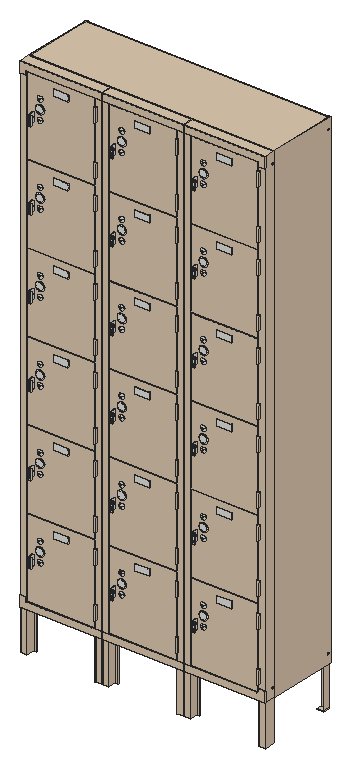
Revit family "Metal_Vented_Lockers-Salsbury_Industries-75000_76000_Series-3_Wide_Units", category Specialty Equipment, Revit 2016 (continued)
Definition of nested family "Metal Locker Left Side Base"
  Forms (in)
    Extrusion 2, solid, material <- "Primary Structure Material", visible <- "Visible"
      sketch origin (6.02, 0, -5.94) x (0, 0, -1) y (0, -1, 0)
        loop
          line (-6, 4.90147) -> (-6, -3.961) -> (-5.94, -3.961) -> (-5.94, 4.90147) -> (-6, 4.90147)
      from 0 to 1.19
    Extrusion 3, solid, material <- "Primary Structure Material", visible <- "Visible"
      sketch origin (4.77, 0, 0) x (0, 0, -1) y (0, 1, 0)
        loop
          line (-6, -5.211) -> (0, -5.211) -> (0, 5.211) -> (-6, 5.211) -> (-6, -5.211)
      from 0 to 0.06
    Extrusion 4, solid, material <- "Primary Structure Material", visible <- "Visible"
      sketch origin (10.79, 0, 6) x (0, -1, 0) y (1, 0, 0)
        loop
          line (5.15147, -5.96) -> (6.27647, -5.96) -> (6.27647, -5.9) -> (5.15147, -5.9) -> (5.15147, -5.96)
      from -6 to 0
  Dimensions and locks (in)
    "Height": plane 5 "Top of Enclosure" to plane 4 "Floor"
    plane 10 "Left Edge of Insert" to plane 8 "Left Edge of Enclosure" to plane 11 "Right Edge of Insert" = 1.06547" locked, 0.05953" locked
    equal spacing: plane 8 "Left Edge of Enclosure", plane 1 "Center (Front/Back)", plane 9 "Right Edge of Enclosure"
    "Depth": plane 8 "Left Edge of Enclosure" to plane 9 "Right Edge of Enclosure"
    equal spacing: plane 6 "Left Side of Unit", plane 3 "Center (Left/Right)", plane 7 "Right Side of Unit"
    "Width": plane 6 "Left Side of Unit" to plane 7 "Right Side of Unit"
    "Width including Rivet": plane 12 "Edge of Rivet" to plane 7 "Right Side of Unit"
    plane 12 "Edge of Rivet" to plane 6 "Left Side of Unit" = 0.040"
    aligned and locked: level to plane 2
    aligned and locked: Extrusion 1 to Extrusion 3
    aligned and locked: Extrusion 2 to Extrusion 3
  Automatic sketch dimensions
    plane 5 "Top of Enclosure" to Extrusion 1 sketch curve = 0.000"
    Extrusion 1 sketch curve to Extrusion 1 sketch curve = 0.060"
    plane 9 "Right Edge of Enclosure" to Extrusion 1 sketch curve = 1.250"
    Extrusion 1 sketch curve to plane 11 "Right Edge of Insert" = 0.250"
    Extrusion 2 sketch curve to level = 0.000"
    level to Extrusion 2 sketch curve = 0.060"
    plane 9 "Right Edge of Enclosure" to Extrusion 2 sketch curve = 1.250"
    Extrusion 2 sketch curve to plane 11 "Right Edge of Insert" = 0.250"
    plane 5 "Top of Enclosure" to Extrusion 3 sketch curve = 0.000"
    Extrusion 3 sketch curve to level = 0.000"
    Extrusion 3 sketch curve to plane 8 "Left Edge of Enclosure" = 0.000"
    Extrusion 3 sketch curve to plane 9 "Right Edge of Enclosure" = 0.000"
    plane 11 "Right Edge of Insert" to Extrusion 4 sketch curve = 0.000"
    plane 10 "Left Edge of Insert" to Extrusion 4 sketch curve = 0.000"
    plane 6 "Left Side of Unit" to Extrusion 4 sketch curve = 0.120"
    Extrusion 4 sketch curve to Extrusion 4 sketch curve = 0.060"
Definition of nested family "Metal Locker Zee Base - 3 Wide"
  Parameters (values of type "77572- 36" W x 12" D")
    Width = 36.040"
    Visible = yes
    Version = "1.0 (11/30/15)"
    Type Comments = "Zee Base Kit for Standard Metal Lockers - No Legs"
    Primary Structure Material = none
    Model = "77572"
    MasterFormat Title = ""
    MasterFormat Number = ""
    Manufacturer = "Salsbury Industries"
    Description = "4\" H x 6' L - for 12\" Deep Lockers (Includes 6 Foot Front Base, 2 End Bases, Corner Splicer and 4 Rear Legs)"
    Depth = 12.010"
    Height = 4.000"
    Assembly Code = ""
  Types (6): name | Width | Visible | Model | Depth
    77572- 36" W x 12" D | 36.040" | yes | "77572" | 12.010"
    77575 - 36" W x 15" D | 36.040" | yes | "77575" | 15.010"
    77578 - 36"W x 18"D | 36.040" | yes | "77578" | 18.010"
    77575 - 45"W x 15"D | 45.040" | yes | "77575" | 15.010"
    77578 - 45"W x 18"D | 45.040" | yes | "77578" | 18.010"
    None | 36.040" | no | "77572" | 12.010"
  Reference planes (in)
    plane 1 "Center (Front/Back)": y = 0
    plane 2: z = 0
    plane 3 "Center (Left/Right)": x = 0
    plane 4 "Floor": z = 0
    plane 5 "Bottom of Unit": z = 4
    plane 6 "Left Side of Unit": x = -18.02
    plane 7 "Right Side of Unit": x = 18.02
    plane 8 "Back of Unit": y = 6.005
    plane 9 "Front of Unit": y = -6.005
    plane 10 "Right Side of Door Opening": x = 17.02
    plane 11 "Left Side of Door Opening": x = -17.02
    plane 12 "Top of back legs": z = 4.185
    plane 13 "Back Edge of Front Facing": y = -4.417
    plane 14 "Inside Edge of Front Leg": x = -16.58
    plane 15 "Inside Edge of Right Leg": x = 16.58
    plane 16: y = -4.82
    plane 17 "Back Edge of Rear Legs": y = 5.895
    plane 18 "Right Edge of Rear Right Leg": x = 17.9
    plane 19 "Left Edge or Rear Left Leg": x = -17.9
    plane 20: y = 4.895
    plane 21 "Inside Edge or Rear Right Leg": x = 16.9
    plane 22 "Inside Edge or Left Rear Leg": x = -16.9
  Forms (in)
    Extrusion 1, solid, material <- "Primary Structure Material", visible <- "Visible"
      sketch origin (0, 0, 0) x (0, -1, 0) y (1, 0, 0)
        loop
          line (-5.895, 17.9) -> (-5.895, 16.9) -> (-5.835, 16.9) -> (-5.835, 17.84) -> (-4.895, 17.84) -> (-4.895, 17.9) -> (-5.895, 17.9)
      from 0.06 to 4.185
    Extrusion 2, solid, material <- "Primary Structure Material", visible <- "Visible"
      sketch origin (0, 0, 0) x (0, -1, 0) y (1, 0, 0)
        loop
          line (-5.895, 17.9) -> (-5.895, 16.9) -> (-4.895, 16.9) -> (-4.895, 17.9) -> (-5.895, 17.9)
      from 0 to 0.06
    Extrusion 3, solid, material <- "Primary Structure Material", visible <- "Visible"
      sketch origin (0, 0, 0) x (0, -1, 0) y (1, 0, 0)
        loop
          line (-5.895, -17.9) -> (-4.895, -17.9) -> (-4.895, -17.84) -> (-5.835, -17.84) -> (-5.835, -16.9) -> (-5.895, -16.9) -> (-5.895, -17.9)
      from 0.06 to 4.185
    Extrusion 4, solid, material <- "Primary Structure Material", visible <- "Visible"
      sketch origin (0, 0, 0) x (0, -1, 0) y (1, 0, 0)
        loop
          line (-5.895, -17.9) -> (-4.895, -17.9) -> (-4.895, -16.9) -> (-5.895, -16.9) -> (-5.895, -17.9)
      from 0 to 0.06
    Extrusion 5, solid, material <- "Primary Structure Material", visible <- "Visible"
      sketch origin (0, 0, 0) x (0, 1, 0) y (0, 0, 1)
        loop
          line (-6.005, 4) -> (-6.005, 3.94) -> (-4.417, 3.94) -> (-4.417, 0) -> (-2.769, 0) -> (-2.769, 0.06) -> (-4.357, 0.06) -> (-4.357, 4) -> (-6.005, 4)
      from -18.02 to 18.02
  Dimensions and locks (in)
    equal spacing: plane 6 "Left Side of Unit", plane 3 "Center (Left/Right)", plane 7 "Right Side of Unit"
    "Width": plane 6 "Left Side of Unit" to plane 7 "Right Side of Unit"
    "Height": plane 5 "Bottom of Unit" to plane 4 "Floor"
    equal spacing: plane 9 "Front of Unit", plane 1 "Center (Front/Back)", plane 8 "Back of Unit"
    "Depth": plane 9 "Front of Unit" to plane 8 "Back of Unit"
    plane 12 "Top of back legs" to plane 5 "Bottom of Unit" = 0.185"
    plane 6 "Left Side of Unit" to plane 11 "Left Side of Door Opening" = 1.000"
    plane 10 "Right Side of Door Opening" to plane 7 "Right Side of Unit" = 1.000"
    locked: plane 9 "Front of Unit" to plane 13 "Back Edge of Front Facing" at 1.588
    plane 11 "Left Side of Door Opening" to plane 14 "Inside Edge of Front Leg" = 0.440"
    plane 15 "Inside Edge of Right Leg" to plane 10 "Right Side of Door Opening" = 0.440"
    plane 9 "Front of Unit" to plane 16 = 1.185"
    plane 15 "Inside Edge of Right Leg" to plane 21 "Inside Edge or Rear Right Leg" to plane 10 "Right Side of Door Opening" to plane 18 "Right Edge of Rear Right Leg" to plane 7 "Right Side of Unit" = 0.320", 0.120", 0.880", 0.120"
    plane 6 "Left Side of Unit" to plane 19 "Left Edge or Rear Left Leg" to plane 11 "Left Side of Door Opening" to plane 22 "Inside Edge or Left Rear Leg" to plane 14 "Inside Edge of Front Leg" = 0.120", 0.880", 0.120", 0.320"
    plane 20 to plane 17 "Back Edge of Rear Legs" to plane 8 "Back of Unit" = 1.000", 0.110"
    aligned and locked: level to plane 2
    aligned and locked: Extrusion 1 to Extrusion 2
    aligned and locked: Extrusion 4 to Extrusion 3
    aligned and locked: Extrusion 1 to plane 18 "Right Edge of Rear Right Leg"
    aligned and locked: Extrusion 1 to plane 17 "Back Edge of Rear Legs"
    aligned and locked: Extrusion 3 to plane 19 "Left Edge or Rear Left Leg"
    aligned and locked: plane 17 "Back Edge of Rear Legs" to Extrusion 3
    aligned and locked: Extrusion 1 to plane 12 "Top of back legs"
    aligned and locked: plane 12 "Top of back legs" to Extrusion 3
    aligned and locked: Extrusion 5 to plane 7 "Right Side of Unit"
    aligned and locked: plane 6 "Left Side of Unit" to Extrusion 5
  Automatic sketch dimensions
    plane 17 "Back Edge of Rear Legs" to Extrusion 1 sketch curve = 0.000"
    Extrusion 1 sketch curve to plane 21 "Inside Edge or Rear Right Leg" = 0.000"
    Extrusion 1 sketch curve to plane 18 "Right Edge of Rear Right Leg" = 0.000"
    plane 20 to Extrusion 1 sketch curve = 0.000"
    plane 17 "Back Edge of Rear Legs" to Extrusion 1 sketch curve = 0.060"
    plane 18 "Right Edge of Rear Right Leg" to Extrusion 1 sketch curve = 0.060"
    plane 17 "Back Edge of Rear Legs" to Extrusion 2 sketch curve = 0.000"
    Extrusion 2 sketch curve to plane 18 "Right Edge of Rear Right Leg" = 0.000"
    plane 20 to Extrusion 2 sketch curve = 0.000"
    Extrusion 2 sketch curve to plane 21 "Inside Edge or Rear Right Leg" = 0.000"
    plane 17 "Back Edge of Rear Legs" to Extrusion 3 sketch curve = 0.000"
    Extrusion 3 sketch curve to plane 22 "Inside Edge or Left Rear Leg" = 0.000"
    Extrusion 3 sketch curve to plane 19 "Left Edge or Rear Left Leg" = 0.000"
    plane 20 to Extrusion 3 sketch curve = 0.000"
    Extrusion 3 sketch curve to plane 17 "Back Edge of Rear Legs" = 0.060"
    Extrusion 3 sketch curve to plane 19 "Left Edge or Rear Left Leg" = 0.060"
    plane 17 "Back Edge of Rear Legs" to Extrusion 4 sketch curve = 0.000"
    Extrusion 4 sketch curve to plane 19 "Left Edge or Rear Left Leg" = 0.000"
    plane 20 to Extrusion 4 sketch curve = 0.000"
    Extrusion 4 sketch curve to plane 22 "Inside Edge or Left Rear Leg" = 0.000"
    Extrusion 5 sketch curve to plane 9 "Front of Unit" = 0.000"
    Extrusion 5 sketch curve to level = 0.000"
    Extrusion 5 sketch curve to plane 13 "Back Edge of Front Facing" = 0.000"
    plane 5 "Bottom of Unit" to Extrusion 5 sketch curve = 0.000"
    Extrusion 5 sketch curve to plane 13 "Back Edge of Front Facing" = 0.060"
    Extrusion 5 sketch curve to Extrusion 5 sketch curve = 1.588"
    level to Extrusion 5 sketch curve = 0.060"
    plane 5 "Bottom of Unit" to Extrusion 5 sketch curve = 0.060"
Definition of nested family "Metal Locker Zee Base-Right Side"
  Parameters (values of type "77578 Right - 18" D")
    Width including Rivet [instance] = 1.290"
    Visible = yes
    Primary Structure Material = none
    Depth = 16.362"
    Version = "1.0 (11/30/15)"
    Type Comments = "Zee Base Kit for Standard Metal Lockers - No Legs"
    Model = "77578"
    MasterFormat Title = ""
    MasterFormat Number = ""
    Manufacturer = "Salsbury Industries"
    Description = "4\" H x 6' L - for 12\" Deep Lockers (Includes 6 Foot Front Base, 2 End Bases, Corner Splicer and 4 Rear Legs)"
    Width = 4.000"
    Height = 4.000"
    Assembly Code = ""
  Types (4): name | Visible | Depth | Type Comments | Model | Description
    77572 Right - 12" D | yes | 10.362" | "Zee Base Kit for Standard Metal Lockers - No Legs" | "77572" | "4\" H x 6' L - for 12\" Deep Lockers (Includes 6 Foot Front Base, 2 End Bases, Corner Splicer and 4 Rear Legs)"
    77575 Right - 15" D | yes | 13.362" | "Zee Base Kit for Standard Metal Lockers - No Legs" | "77575" | "4\" H x 6' L - for 12\" Deep Lockers (Includes 6 Foot Front Base, 2 End Bases, Corner Splicer and 4 Rear Legs)"
    77578 Right - 18" D | yes | 16.362" | "Zee Base Kit for Standard Metal Lockers - No Legs" | "77578" | "4\" H x 6' L - for 12\" Deep Lockers (Includes 6 Foot Front Base, 2 End Bases, Corner Splicer and 4 Rear Legs)"
    None | no | 10.362" | "End Base for Standard Metal Lockers" | "" | ""
  Reference planes (in)
    plane 1 "Center (Front/Back)": y = 0
    plane 2: z = 0
    plane 3 "Center (Left/Right)": x = 3.99
    plane 4 "Floor": z = 0
    plane 5 "Top of Enclosure": z = 4
    plane 6 "Left Edge of Insert": x = 4.77
    plane 7 "Right Side of Unit": x = 5.99
    plane 8 "Left Edge of Enclosure": y = -8.181
    plane 9 "Right Edge of Enclosure": y = 8.181
    plane 10 "Bottom Edge of Enclosure": z = 0.06
    plane 11 "Left Edge of Base": x = 1.99
  Forms (in)
    Extrusion 1, solid, material <- "Primary Structure Material", visible <- "Visible"
      sketch origin (5.99, 0, 0) x (0, 0, -1) y (0, -1, 0)
        loop
          line (-4, 6.93967) -> (-4, -6.931) -> (-3.94, -6.931) -> (-3.94, 6.93967) -> (-4, 6.93967)
      from 0.06 to 1.22
    Extrusion 2, solid, material <- "Primary Structure Material", visible <- "Visible"
      sketch origin (0, 0, 0) x (0, -1, 0) y (1, 0, 0)
        loop
          line (-8.181, 1.99) -> (-8.121, 1.99) -> (-8.121, 5.93) -> (8.121, 5.93) -> (8.121, 1.99) -> (8.181, 1.99) -> (8.181, 5.99) -> (-8.181, 5.99) -> (-8.181, 1.99)
      from 0.06 to 4
  Dimensions and locks (in)
    "Height": plane 5 "Top of Enclosure" to plane 4 "Floor"
    equal spacing: plane 8 "Left Edge of Enclosure", plane 1 "Center (Front/Back)", plane 9 "Right Edge of Enclosure"
    "Depth": plane 8 "Left Edge of Enclosure" to plane 9 "Right Edge of Enclosure"
    "Width": plane 11 "Left Edge of Base" to plane 7 "Right Side of Unit"
    equal spacing: plane 11 "Left Edge of Base", plane 3 "Center (Left/Right)", plane 7 "Right Side of Unit"
    locked: plane 4 "Floor" to plane 10 "Bottom Edge of Enclosure" at 0.06
    aligned and locked: level to plane 2
    aligned and locked: plane 6 "Left Edge of Insert" to Extrusion 1
    aligned and locked: Extrusion 2 to plane 9 "Right Edge of Enclosure"
    aligned and locked: Extrusion 2 to plane 10 "Bottom Edge of Enclosure"
    aligned and locked: plane 11 "Left Edge of Base" to Extrusion 2
  Automatic sketch dimensions
    plane 5 "Top of Enclosure" to Extrusion 1 sketch curve = 0.000"
    Extrusion 1 sketch curve to Extrusion 1 sketch curve = 0.060"
    plane 9 "Right Edge of Enclosure" to Extrusion 1 sketch curve = 1.250"
    Extrusion 1 sketch curve to plane 8 "Left Edge of Enclosure" = 1.24133"
    Extrusion 2 sketch curve to plane 7 "Right Side of Unit" = 0.000"
    plane 9 "Right Edge of Enclosure" to Extrusion 2 sketch curve = 0.000"
    plane 6 "Left Edge of Insert" to Extrusion 2 sketch curve = 2.780"  (x2)
    Extrusion 2 sketch curve to Extrusion 2 sketch curve = 0.060"
    plane 7 "Right Side of Unit" to Extrusion 2 sketch curve = 0.060"
    Extrusion 2 sketch curve to plane 8 "Left Edge of Enclosure" = 0.060"
    Extrusion 2 sketch curve to plane 8 "Left Edge of Enclosure" = 0.000"
Definition of nested family "Metal Locker Zee Base-Left Side"
  Parameters (values of type "77572 Left - 12" D")
    Width including Rivet [instance] = 1.290"
    Visible = yes
    Primary Structure Material = none
    Depth = 10.362"
    Version = "1.0 (11/30/15)"
    Type Comments = "Zee Base Kit for Standard Metal Lockers - No Legs"
    Model = "77572"
    MasterFormat Title = ""
    MasterFormat Number = ""
    Manufacturer = "Salsbury Industries"
    Description = "4\" H x 6' L - for 12\" Deep Lockers (Includes 6 Foot Front Base, 2 End Bases, Corner Splicer and 4 Rear Legs)"
    Width = 4.000"
    Height = 4.000"
    Assembly Code = ""
  Types (4): name | Visible | Depth | Type Comments | Model | Description
    77572 Left - 12" D | yes | 10.362" | "Zee Base Kit for Standard Metal Lockers - No Legs" | "77572" | "4\" H x 6' L - for 12\" Deep Lockers (Includes 6 Foot Front Base, 2 End Bases, Corner Splicer and 4 Rear Legs)"
    77575 Left - 15" D | yes | 13.362" | "Zee Base Kit for Standard Metal Lockers - No Legs" | "77575" | "4\" H x 6' L - for 12\" Deep Lockers (Includes 6 Foot Front Base, 2 End Bases, Corner Splicer and 4 Rear Legs)"
    77578 Left- 18" D | yes | 16.362" | "Zee Base Kit for Standard Metal Lockers - No Legs" | "77578" | "4\" H x 6' L - for 12\" Deep Lockers (Includes 6 Foot Front Base, 2 End Bases, Corner Splicer and 4 Rear Legs)"
    None | no | 10.362" | "End Base for Standard Metal Lockers" | "" | ""
  Reference planes (in)
    plane 1 "Center (Front/Back)": y = 0
    plane 2: z = 0
    plane 3 "Center (Left/Right)": x = 3.99
    plane 4 "Floor": z = 0
    plane 5 "Top of Enclosure": z = 4
    plane 6 "Right Side of Unit": x = 5.99
    plane 7 "Left Edge of Enclosure": y = -5.181
    plane 8 "Right Edge of Enclosure": y = 5.181
    plane 9 "Bottom Edge of Enclosure": z = 0.06
    plane 10 "Left Edge of Base": x = 1.99
    plane 11 "Right Edge of Inser": x = 3.21
  Forms (in)
    Extrusion 1, solid, material <- "Primary Structure Material", visible <- "Visible"
      sketch origin (7.98, 0, 0) x (0, -1, 0) y (1, 0, 0)
        loop
          line (-5.181, -1.99) -> (-5.181, -5.99) -> (5.181, -5.99) -> (5.181, -1.99) -> (5.121, -1.99) -> (5.121, -5.93) -> (-5.121, -5.93) -> (-5.121, -1.99) -> (-5.181, -1.99)
      from 0.06 to 4
    Extrusion 2, solid, material <- "Primary Structure Material", visible <- "Visible"
      sketch origin (1.99, 0, 0) x (0, 0, -1) y (0, 1, 0)
        loop
          line (-4, -3.93967) -> (-3.94, -3.93967) -> (-3.94, 3.931) -> (-4, 3.931) -> (-4, -3.93967)
      from 0.06 to 1.22
  Dimensions and locks (in)
    "Height": plane 5 "Top of Enclosure" to plane 4 "Floor"
    equal spacing: plane 7 "Left Edge of Enclosure", plane 1 "Center (Front/Back)", plane 8 "Right Edge of Enclosure"
    "Depth": plane 7 "Left Edge of Enclosure" to plane 8 "Right Edge of Enclosure"
    "Width": plane 10 "Left Edge of Base" to plane 6 "Right Side of Unit"
    equal spacing: plane 10 "Left Edge of Base", plane 3 "Center (Left/Right)", plane 6 "Right Side of Unit"
    locked: plane 4 "Floor" to plane 9 "Bottom Edge of Enclosure" at 0.06
    aligned and locked: level to plane 2
    aligned and locked: plane 10 "Left Edge of Base" to Extrusion 1
  Automatic sketch dimensions
    plane 8 "Right Edge of Enclosure" to Extrusion 1 sketch curve = 0.000"
    Extrusion 1 sketch curve to plane 6 "Right Side of Unit" = 0.000"  (x2)
    plane 7 "Left Edge of Enclosure" to Extrusion 1 sketch curve = 0.000"
    Extrusion 1 sketch curve to plane 10 "Left Edge of Base" = 0.000"
    Extrusion 1 sketch curve to Extrusion 1 sketch curve = 0.060"
    plane 7 "Left Edge of Enclosure" to Extrusion 1 sketch curve = 0.060"
    plane 10 "Left Edge of Base" to Extrusion 1 sketch curve = 0.060"
    plane 5 "Top of Enclosure" to Extrusion 2 sketch curve = 0.000"
    Extrusion 2 sketch curve to Extrusion 2 sketch curve = 0.060"
    Extrusion 2 sketch curve to plane 7 "Left Edge of Enclosure" = 1.24133"
    plane 8 "Right Edge of Enclosure" to Extrusion 2 sketch curve = 1.250"
Definition of nested family "Metal Locker Zee Base Corner"
  Parameters (values of type "77572, 77575, 77578")
    Width = 2.000"
    Visible = yes
    Version = "1.0 (11/30/15)"
    Type Comments = "Zee Base Kit for Standard Metal Lockers - No Legs"
    Primary Structure Material = none
    Model = "n/a"
    Manufacturer = "Salsbury Industries"
    Height = 3.940"
    Description = "4\" H x 6' L - for 12\" Deep Lockers (Includes 6 Foot Front Base, 2 End Bases, Corner Splicer and 4 Rear Legs)"
    Depth = 2.000"
  Types (2): name | Visible
    77572, 77575, 77578 | yes
    None | no
  Reference planes (in)
    plane 1 "Center (Front/Back)": y = 0
    plane 2 "Bottom of Component": z = 0
    plane 3 "Center (Left/Right)": x = 0
    plane 4: z = 3.94
    plane 5: x = -1
    plane 6: x = 1
    plane 7 "Front": y = -1
    plane 8 "Back": y = 1
  Forms (in)
    Extrusion 1, solid, material <- "Primary Structure Material", visible <- "Visible"
      sketch origin (0, 0, 0) x (1, 0, 0) y (0, 1, 0)
        loop
          line (-1, 1) -> (-1, 0.94) -> (0.94, 0.94) -> (0.94, -1) -> (1, -1) -> (1, 1) -> (-1, 1)
      from 0 to 3.94
  Dimensions and locks (in)
    "Height": plane 4 to plane 2 "Bottom of Component"
    equal spacing: plane 5, plane 3 "Center (Left/Right)", plane 6
    "Width": plane 5 to plane 6
    equal spacing: plane 7 "Front", plane 1 "Center (Front/Back)", plane 8 "Back"
    "Depth": plane 7 "Front" to plane 8 "Back"
    aligned and locked: plane 2 "Bottom of Component" to level
  Automatic sketch dimensions
    Extrusion 1 sketch curve to plane 5 = 0.000"
    plane 7 "Front" to Extrusion 1 sketch curve = 0.000"
    Extrusion 1 sketch curve to plane 6 = 0.000"
    plane 8 "Back" to Extrusion 1 sketch curve = 0.000"
    plane 6 to Extrusion 1 sketch curve = 0.060"
    Extrusion 1 sketch curve to Extrusion 1 sketch curve = 0.060"
Definition of nested family "Metal Locker End Panel"
  Parameters (values of type "77362 - for 6' H x 12" D Lockers")
    Width = 0.925"
    Visible = yes
    Version = "1.0 (11/30/15)"
    Type Comments = "Finished End Panel for Standard Metal Lockers"
    Primary Structure Material = none
    Model = "77362"
    MasterFormat Title = ""
    MasterFormat Number = ""
    Manufacturer = "Salsbury Industries"
    Height = 72.000"
    Description = "End Panel for 6' H x 12\" Deep Lockers"
    Depth = 12.010"
    Assembly Code = ""
  Types (7): name | Visible | Model | Height | Description | Depth
    77362 - for 6' H x 12" D Lockers | yes | "77362" | 72.000" | "End Panel for 6' H x 12\" Deep Lockers" | 12.010"
    77365 - for 6' H x 15" D Lockers | yes | "77365" | 72.000" | "End Panel for 6' H x 15\" Deep Lockers" | 15.010"
    77368 - for 6' H X 18" D Lockers | yes | "77368" | 72.000" | "End Panel for 6' H x 18\" Deep Lockers" | 18.010"
    77352 - for 5' H x 12" D Lockers | yes | "77352" | 60.000" | "End Panel for 5' H x 12\" Deep Lockers" | 12.010"
    77355 - for 5' H x 15" D Lockers | yes | "77355" | 60.000" | "End Panel for 5' H x 15\" Deep Lockers" | 15.010"
    77358 - for 5' H x 18" D Lockers | yes | "77358" | 60.000" | "End Panel for 5' H x 18\" Deep Lockers" | 18.010"
    None | no | "n/a" | 72.000" | "" | 12.010"
  Reference planes (in)
    plane 1 "Center (Front/Back)": y = -2.167
    plane 2: z = 0
    plane 3 "Center (Left/Right)": x = -4.595
    plane 4 "Bottom of Panel": z = 0
    plane 5 "Top of Panel": z = 72
    plane 6 "Front of Panel": y = -8.172
    plane 7 "Right Side of Enclosure": x = -4.1325
    plane 8 "Left Side of Enclosure": x = -5.0575
    plane 9 "Back of Panel": y = 3.838
    plane 10: z = 36
    plane 11: z = 70.283
    plane 12: z = 1.717
    plane 13 "Outside Edge of Front Flap": y = -8.23214
    plane 14 "Outside Edge of Back Flap": y = 3.898
  Forms (in)
    Extrusion 1, solid, material <- "Primary Structure Material", visible <- "Visible"
      sketch origin (-4.1325, 0.48244, 0) x (0, 0, -1) y (0, -1, 0)
        loop
          line (-72, 8.71458) -> (-72, -3.41556) -> (0, -3.41556) -> (0, 8.71458) -> (-72, 8.71458)
      from 0 to -0.06
    Extrusion 2, solid, material <- "Primary Structure Material", visible <- "Visible"
      sketch origin (0, 3.838, 0) x (0, 0, -1) y (1, 0, 0)
        loop
          line (-72, -5.0575) -> (0, -5.0575) -> (0, -4.1325) -> (-72, -4.1325) -> (-72, -5.0575)
      from 0 to -0.06
    Extrusion 3, solid, material <- "Primary Structure Material", visible <- "Visible"
      sketch origin (0, -8.172, 0) x (1, 0, 0) y (0, 0, 1)
        loop
          line (-5.0575, 70.283) -> (-5.0575, 1.717) -> (-4.1325, 1.717) -> (-4.1325, 70.283) -> (-5.0575, 70.283)
      from 0.06014 to 0
  Dimensions and locks (in)
    equal spacing: plane 6 "Front of Panel", plane 1 "Center (Front/Back)", plane 9 "Back of Panel"
    "Depth": plane 6 "Front of Panel" to plane 9 "Back of Panel"
    equal spacing: plane 8 "Left Side of Enclosure", plane 3 "Center (Left/Right)", plane 7 "Right Side of Enclosure"
    "Width": plane 8 "Left Side of Enclosure" to plane 7 "Right Side of Enclosure"
    equal spacing: plane 5 "Top of Panel", plane 10, plane 2
    "Height": plane 5 "Top of Panel" to plane 2
    locked: plane 5 "Top of Panel" to plane 11 at 1.717
    locked: plane 13 "Outside Edge of Front Flap" to plane 6 "Front of Panel" at 0.06014
    locked: plane 9 "Back of Panel" to plane 14 "Outside Edge of Back Flap" at 0.06
    aligned and locked: level to plane 2
    aligned and locked: plane 5 "Top of Panel" to Extrusion 1 sketch curve
    aligned and locked: plane 5 "Top of Panel" to Extrusion 2 sketch curve
    aligned and locked: Extrusion 2 to plane 9 "Back of Panel"
    aligned and locked: plane 11 to Extrusion 3 sketch curve
    aligned and locked: plane 6 "Front of Panel" to Extrusion 3
    aligned and locked: plane 14 "Outside Edge of Back Flap" to Extrusion 2
    aligned and locked: Extrusion 1 to plane 14 "Outside Edge of Back Flap"
    aligned and locked: plane 13 "Outside Edge of Front Flap" to Extrusion 3
    aligned and locked: Extrusion 2 to plane 7 "Right Side of Enclosure"
    aligned and locked: Extrusion 3 to plane 7 "Right Side of Enclosure"
  Automatic sketch dimensions
    Extrusion 1 sketch curve to level = 0.000"
    Extrusion 2 sketch curve to level = 0.000"
    plane 8 "Left Side of Enclosure" to Extrusion 2 sketch curve = 0.000"
    plane 7 "Right Side of Enclosure" to Extrusion 2 sketch curve = 0.000"
    plane 8 "Left Side of Enclosure" to Extrusion 3 sketch curve = 0.000"
    Extrusion 3 sketch curve to plane 12 = 0.000"
    plane 7 "Right Side of Enclosure" to Extrusion 3 sketch curve = 0.000"
    Extrusion 1 sketch curve to plane 14 "Outside Edge of Back Flap" = 0.000"
    plane 6 "Front of Panel" to Extrusion 1 sketch curve = 0.06014"
Definition of nested family "Metal Locker Front Filler"
  Parameters (values of type "77869 - for 6' H Lockers (Zee Base or No Legs)")
    Width = 9.000"
    Visible = yes
    Version = "1.0 (11/30/15)"
    Type Comments = "Vertical Front Filler for Standard Metal Lockers"
    Primary Structure Material = none
    Model = "77865"
    MasterFormat Title = ""
    MasterFormat Number = ""
    Manufacturer = "Salsbury Industries"
    Height = 72.000"
    Description = "9\" W Vertical Front Filler for 6' H Lockers"
    Depth = 1.500"
    Assembly Code = ""
  Types (9): name | Width | Visible | Model | Height | Description | Depth
    77865 - for 6' H Lockers with Legs | 15.000" | yes | "77865" | 78.000" | "15\" W Vertical Front Filler for 6' H Lockers" | 1.000"
    77869 - for 6' H Lockers with Legs | 9.000" | yes | "77865" | 78.000" | "9\" W Vertical Front Filler for 6' H Lockers" | 1.000"
    77855 - for 5' H Lockers with Legs | 15.000" | yes | "77855" | 66.000" | "15\" W Vertical Front Filler for 5' H Lockers" | 1.000"
    77859 - for 5' H Lockers with Legs | 9.000" | yes | "77859" | 66.000" | "9\" W Vertical Front Filler for 5' H Lockers" | 1.000"
    None | 15.000" | no | "n/a" | 78.000" | "" | 1.500"
    77865 - for 6' H Lockers (Zee Base or No Legs) | 15.000" | yes | "77865" | 72.000" | "15\" W Vertical Front Filler for 6' H Lockers" | 1.000"
    77869 - for 6' H Lockers (Zee Base or No Legs) | 9.000" | yes | "77865" | 72.000" | "9\" W Vertical Front Filler for 6' H Lockers" | 1.500"
    77859 - for 5' H Lockers (Zee Base or No Legs) | 9.000" | yes | "77859" | 60.000" | "9\" W Vertical Front Filler for 5' H Lockers" | 1.000"
    77855 - for 5' H Lockers (Zee Base or No Legs) | 15.000" | yes | "77855" | 60.000" | "15\" W Vertical Front Filler for 5' H Lockers" | 1.000"
  Reference planes (in)
    plane 1 "Center (Front/Back)": y = -2.167
    plane 2: z = 0
    plane 3 "Center (Left/Right)": x = -4.595
    plane 4 "Bottom of Filler": z = 0
    plane 5 "Top of Panel": z = 72
    plane 6 "Front of Filler": y = -2.917
    plane 7 "Right Side of Filler": x = -0.095
    plane 8 "Left Side of Filler": x = -9.095
    plane 9 "Back of Filler": y = -1.417
    plane 10: z = 36
  Forms (in)
    Extrusion 1, solid, material <- "Primary Structure Material", visible <- "Visible"
      sketch origin (0, 0, 0) x (0, -1, 0) y (1, 0, 0)
        loop
          line (1.417, -9.095) -> (2.917, -9.095) -> (2.917, -1.095) -> (2.869, -1.095) -> (2.869, -9.047) -> (1.417, -9.047) -> (1.417, -9.095)
      from 0 to 72
    Extrusion 2, solid, material <- "Primary Structure Material", visible <- "Visible"
      sketch origin (0, -0.20425, 0) x (0, -1, 0) y (1, 0, 0)
        loop
          line (1.30875, -0.095) -> (1.30875, -0.143) -> (2.76075, -0.143) -> (2.76075, -1.595) -> (2.80875, -1.595) -> (2.80875, -0.095) -> (1.30875, -0.095)
      from 0 to 72
    Extrusion 3, solid, material <- "Primary Structure Material", visible <- "Visible"
      sketch origin (0, 0.10825, 0) x (0, -1, 0) y (1, 0, 0)
        loop
          line (3.07325, -1.595) -> (3.07325, -0.82524) -> (3.02525, -0.82524) -> (3.02525, -1.376) -> (3.02525, -1.449) -> (3.02525, -1.522) -> (3.02525, -1.595) -> (3.07325, -1.595)
      from 0 to 72
    Extrusion 4, solid, material <- "Primary Structure Material", visible <- "Visible"
      sketch origin (0, 0, 0) x (0, -1, 0) y (1, 0, 0)
        loop
          line (2.917, -0.82524) -> (2.821, -0.82524) -> (2.821, -1.80024) -> (2.869, -1.80024) -> (2.869, -0.87324) -> (2.917, -0.87324) -> (2.917, -0.82524)
      from 0 to 72
  Dimensions and locks (in)
    equal spacing: plane 6 "Front of Filler", plane 1 "Center (Front/Back)", plane 9 "Back of Filler"
    "Depth": plane 6 "Front of Filler" to plane 9 "Back of Filler"
    equal spacing: plane 8 "Left Side of Filler", plane 3 "Center (Left/Right)", plane 7 "Right Side of Filler"
    "Width": plane 8 "Left Side of Filler" to plane 7 "Right Side of Filler"
    equal spacing: plane 5 "Top of Panel", plane 10, plane 2
    "Height": plane 5 "Top of Panel" to plane 2
    aligned and locked: level to plane 2
    aligned and locked: Extrusion 1 to plane 5 "Top of Panel"
    aligned and locked: Extrusion 2 to plane 5 "Top of Panel"
    aligned and locked: Extrusion 3 to plane 5 "Top of Panel"
    aligned and locked: Extrusion 4 to plane 5 "Top of Panel"
  Automatic sketch dimensions
    plane 9 "Back of Filler" to Extrusion 1 sketch curve = 0.000"
    plane 6 "Front of Filler" to Extrusion 1 sketch curve = 0.000"
    Extrusion 1 sketch curve to plane 8 "Left Side of Filler" = 0.000"
    Extrusion 1 sketch curve to plane 6 "Front of Filler" = 0.048"
    Extrusion 1 sketch curve to Extrusion 1 sketch curve = 0.048"
    plane 7 "Right Side of Filler" to Extrusion 1 sketch curve = 1.000"
    Extrusion 2 sketch curve to plane 7 "Right Side of Filler" = 0.000"
    plane 7 "Right Side of Filler" to Extrusion 2 sketch curve = 0.048"
    plane 9 "Back of Filler" to Extrusion 2 sketch curve = 0.096"
    plane 6 "Front of Filler" to Extrusion 2 sketch curve = 0.048"
    Extrusion 2 sketch curve to Extrusion 2 sketch curve = 0.048"
    Extrusion 2 sketch curve to Extrusion 2 sketch curve = 1.452"
    plane 6 "Front of Filler" to Extrusion 3 sketch curve = 0.000"
    plane 7 "Right Side of Filler" to Extrusion 3 sketch curve = 1.500"
    Extrusion 3 sketch curve to Extrusion 3 sketch curve = 0.073"  (x3)
    Extrusion 3 sketch curve to Extrusion 3 sketch curve = 0.55076"
    Extrusion 3 sketch curve to Extrusion 3 sketch curve = 0.048"
    plane 6 "Front of Filler" to Extrusion 4 sketch curve = 0.000"
    Extrusion 4 sketch curve to plane 6 "Front of Filler" = 0.048"
    Extrusion 4 sketch curve to Extrusion 4 sketch curve = 0.048"  (x2)
    plane 7 "Right Side of Filler" to Extrusion 4 sketch curve = 1.70524"
    plane 7 "Right Side of Filler" to Extrusion 4 sketch curve = 0.77824"
Definition of nested family "Metal Locker Flat Top Filler"
  Parameters (values of type "77842 - for 12" Deep Lockers (15" W)")
    Width = 16.250"
    Visible = yes
    Version = "1.0 (11/30/15)"
    Type Comments = "Flat Top Filler for Standard Metal Lockers"
    Primary Structure Material = none
    Model = "77842"
    MasterFormat Title = ""
    MasterFormat Number = ""
    Manufacturer = "Salsbury Industries"
    Height = 1.003"
    Description = "15\"W Flat Top In-Line Filler"
    Depth = 12.118"
    Assembly Code = ""
  Types (7): name | Width | Visible | Model | Depth
    77842 - for 12" Deep Lockers (15" W) | 16.250" | yes | "77842" | 12.118"
    77842 - for 12" Deep Lockers (9" W) | 10.250" | yes | "77842" | 12.118"
    77845 - for 15" Deep Lockers (15" W) | 16.250" | yes | "77845" | 15.118"
    77845 - for 15" Deep Lockers (9" W) | 10.250" | yes | "77845" | 15.118"
    77848 - for 18" Deep Lockers (15" W) | 16.250" | yes | "77848" | 18.118"
    77848 - for 18" Deep Lockers (9" W) | 10.250" | yes | "77848" | 18.118"
    None | 16.250" | no | "" | 12.118"
  Reference planes (in)
    plane 1 "Center (Front/Back)": y = -2.167
    plane 2: z = 0
    plane 3 "Center (Left/Right)": x = -4.595
    plane 4 "Bottom of Panel": z = 0
    plane 5 "Top of Panel": z = 1.003
    plane 6 "Front of Panel": y = -8.226
    plane 7 "Right Side of Enclosure": x = 3.53
    plane 8 "Left Side of Enclosure": x = -12.72
    plane 9 "Back of Panel": y = 3.892
    plane 10: z = 0.5015
  Forms (in)
    Extrusion 1, solid, material <- "Primary Structure Material", visible <- "Visible"
      sketch origin (-4.595, 0, 0) x (0, 1, 0) y (0, 0, 1)
        loop
          line (-8.226, 0) -> (-8.178, 0) -> (-8.178, 0.955) -> (3.892, 0.955) -> (3.892, 1.003) -> (-8.226, 1.003) -> (-8.226, 0)
      from -8.125 to 8.125
  Dimensions and locks (in)
    equal spacing: plane 6 "Front of Panel", plane 1 "Center (Front/Back)", plane 9 "Back of Panel"
    "Depth": plane 6 "Front of Panel" to plane 9 "Back of Panel"
    equal spacing: plane 8 "Left Side of Enclosure", plane 3 "Center (Left/Right)", plane 7 "Right Side of Enclosure"
    "Width": plane 8 "Left Side of Enclosure" to plane 7 "Right Side of Enclosure"
    equal spacing: plane 5 "Top of Panel", plane 10, plane 2
    "Height": plane 5 "Top of Panel" to plane 2
    aligned and locked: level to plane 2
    aligned and locked: Extrusion 1 to plane 7 "Right Side of Enclosure"
    aligned and locked: plane 8 "Left Side of Enclosure" to Extrusion 1
    aligned and locked: plane 6 "Front of Panel" to Extrusion 1
    aligned and locked: Extrusion 1 to plane 9 "Back of Panel"
  Automatic sketch dimensions
    plane 5 "Top of Panel" to Extrusion 1 sketch curve = 0.000"
    Extrusion 1 sketch curve to plane 6 "Front of Panel" = 0.000"
    Extrusion 1 sketch curve to level = 0.000"
    Extrusion 1 sketch curve to plane 9 "Back of Panel" = 0.000"
    Extrusion 1 sketch curve to plane 6 "Front of Panel" = 0.048"
    plane 5 "Top of Panel" to Extrusion 1 sketch curve = 0.048"
Definition of nested family "Metal Locker Flat Corner Filler"
  Parameters (values of type "77832 - for 12" Deep Lockers")
    Width = 12.625"
    Visible = yes
    Version = "1.0 (11/30/15)"
    Type Comments = "Flat Top Corner Filler for Standard Metal Lockers"
    Primary Structure Material = none
    Model = "77832"
    MasterFormat Title = ""
    MasterFormat Number = ""
    Manufacturer = "Salsbury Industries"
    Height = 0.048"
    Description = "12\"W Flat Top Corner Filler"
    Depth = 12.625"
    Assembly Code = ""
  Types (4): name | Width | Visible | Model | Description | Depth
    77832 - for 12" Deep Lockers | 12.625" | yes | "77832" | "12\"W Flat Top Corner Filler" | 12.625"
    77835 - for 15" Deep Lockers | 15.625" | yes | "77835" | "15\"W Flat Top Corner Filler" | 15.625"
    77838 - for 18" Deep Lockers | 18.625" | yes | "77838" | "18\"W Flat Top Corner Filler" | 18.625"
    None | 12.625" | no | "" | "" | 12.625"
  Reference planes (in)
    plane 1 "Center (Front/Back)": y = -2.167
    plane 2: z = 0
    plane 3 "Center (Left/Right)": x = -4.595
    plane 4 "Bottom of Panel": z = 0
    plane 5 "Top of Panel": z = 0.048
    plane 6 "Front of Panel": y = -8.4795
    plane 7 "Right Side of Enclosure": x = 1.7175
    plane 8 "Left Side of Enclosure": x = -10.9075
    plane 9 "Back of Panel": y = 4.1455
    plane 10: z = 0.024
  Forms (in)
    Extrusion 1, solid, material <- "Primary Structure Material", visible <- "Visible"
      sketch origin (0, 0, 0) x (0, -1, 0) y (1, 0, 0)
        loop
          line (7.8545, -10.9075) -> (7.8545, -10.2825) -> (8.4795, -10.2825) -> (8.4795, 1.7175) -> (-4.1455, 1.7175) -> (-4.1455, -10.9075) -> (7.8545, -10.9075)
      from 0 to 0.048
  Dimensions and locks (in)
    equal spacing: plane 6 "Front of Panel", plane 1 "Center (Front/Back)", plane 9 "Back of Panel"
    "Depth": plane 6 "Front of Panel" to plane 9 "Back of Panel"
    equal spacing: plane 8 "Left Side of Enclosure", plane 3 "Center (Left/Right)", plane 7 "Right Side of Enclosure"
    "Width": plane 8 "Left Side of Enclosure" to plane 7 "Right Side of Enclosure"
    equal spacing: plane 5 "Top of Panel", plane 10, plane 2
    "Height": plane 5 "Top of Panel" to plane 2
    aligned and locked: level to plane 2
    aligned and locked: Extrusion 1 to plane 9 "Back of Panel"
    aligned and locked: plane 6 "Front of Panel" to Extrusion 1
    aligned and locked: Extrusion 1 to plane 7 "Right Side of Enclosure"
    aligned and locked: plane 8 "Left Side of Enclosure" to Extrusion 1
  Automatic sketch dimensions
    Extrusion 1 sketch curve to plane 8 "Left Side of Enclosure" = 0.000"
    plane 9 "Back of Panel" to Extrusion 1 sketch curve = 0.000"
    plane 6 "Front of Panel" to Extrusion 1 sketch curve = 0.000"
    Extrusion 1 sketch curve to plane 7 "Right Side of Enclosure" = 0.000"
    Extrusion 1 sketch curve to plane 8 "Left Side of Enclosure" = 0.625"
    Extrusion 1 sketch curve to plane 6 "Front of Panel" = 0.625"
Definition of nested family "Metal Locker Sloping Top Filler"
  Parameters (values of type "77882 - for 12" Deep Lockers (15" W)")
    Width = 16.250"
    Visible = yes
    Version = "1.0 (11/30/15)"
    Type Comments = "Sloping Hood In-Line Filler for Standard Metal Lockers"
    Slope Angle = 28.761°
    Primary Structure Material = none
    Model = "77882"
    MasterFormat Title = ""
    MasterFormat Number = ""
    Manufacturer = "Salsbury Industries"
    Height = 1.003"
    Description = "15\"W Sloping Hood In-Line Filler"
    Depth = 12.118"
    Assembly Code = ""
  Types (7): name | Width | Visible | Type Comments | Slope Angle | Model | Description | Depth
    77882 - for 12" Deep Lockers (15" W) | 16.250" | yes | "Sloping Hood In-Line Filler for Standard Metal Lockers" | 28.761° | "77882" | "15\"W Sloping Hood In-Line Filler" | 12.118"
    77882 - for 12" Deep Lockers (9" W) | 10.250" | yes | "Sloping Hood In-Line Filler for Standard Metal Lockers" | 28.761° | "77882" | "15\"W Sloping Hood In-Line Filler" | 12.118"
    77885 - for 15" Deep Lockers (15" W) | 16.250" | yes | "Sloping Hood In-Line Filler for Standard Metal Lockers" | 29.946° | "77885" | "15\"W Sloping Hood In-Line Filler" | 15.118"
    77885 - for 15" Deep Lockers (9" W) | 10.250" | yes | "Sloping Hood In-Line Filler for Standard Metal Lockers" | 29.946° | "77885" | "15\"W Sloping Hood In-Line Filler" | 15.118"
    77888 - for 18" Deep Lockers (15" W) | 16.250" | yes | "Sloping Hood In-Line Filler for Standard Metal Lockers" | 30.723° | "77888" | "15\"W Sloping Hood In-Line Filler" | 18.118"
    77888 - for 18" Deep Lockers (9" W) | 10.250" | yes | "Sloping Hood In-Line Filler for Standard Metal Lockers" | 30.723° | "77888" | "15\"W Sloping Hood In-Line Filler" | 18.118"
    None | 16.250" | no | "Sloping Hood for Standard Metal Lockers" | 28.761° | "" | "" | 12.118"
  Reference planes (in)
    plane 1 "Center (Front/Back)": y = -2.167
    plane 2: z = 0
    plane 3 "Center (Left/Right)": x = -4.595
    plane 4 "Bottom of Panel": z = 0
    plane 5 "Top of Panel": z = 1.003
    plane 6 "Front of Panel": y = -8.226
    plane 7 "Right Side of Enclosure": x = 3.53
    plane 8 "Left Side of Enclosure": x = -12.72
    plane 9 "Back of Panel": y = 3.892
    plane 10: z = 0.5015
    plane 11: through (0, -7.6072, 0.33964) normal (0, -0.4812, 0.8766)
    plane 12: through (0, -7.72698, 0.21914) normal (0, -0.4812, 0.8766)
  Forms (in)
    Extrusion 1, solid, material <- "Primary Structure Material", visible <- "Visible"
      sketch origin (-4.595, 0, 0) x (0, 1, 0) y (0, 0, 1)
        loop
          line (3.892, 6.65119) -> (-8.226, 0) -> (-8.226, -1.028) -> (-8.178, -1.028) -> (-8.178, -0.02841) -> (3.892, 6.59643) -> (3.892, 6.65119)
      from -8.125 to 8.125
  Dimensions and locks (in)
    equal spacing: plane 6 "Front of Panel", plane 1 "Center (Front/Back)", plane 9 "Back of Panel"
    "Depth": plane 6 "Front of Panel" to plane 9 "Back of Panel"
    equal spacing: plane 8 "Left Side of Enclosure", plane 3 "Center (Left/Right)", plane 7 "Right Side of Enclosure"
    "Width": plane 8 "Left Side of Enclosure" to plane 7 "Right Side of Enclosure"
    equal spacing: plane 5 "Top of Panel", plane 10, plane 2
    "Height": plane 5 "Top of Panel" to plane 2
    locked: plane 11 to plane 12 at 0.048
    "Slope Angle": angle plane 4 "Bottom of Panel" to plane 11
    aligned and locked: level to plane 2
    aligned and locked: plane 11 to Extrusion 1 sketch curve
    aligned and locked: plane 12 to Extrusion 1 sketch curve
    aligned and locked: Extrusion 1 to plane 7 "Right Side of Enclosure"
    aligned and locked: plane 8 "Left Side of Enclosure" to Extrusion 1
  Automatic sketch dimensions
    Extrusion 1 sketch curve to plane 6 "Front of Panel" = 0.000"
    Extrusion 1 sketch curve to Extrusion 1 sketch curve = 0.99959"
    Extrusion 1 sketch curve to level = 0.02841"
    Extrusion 1 sketch curve to plane 9 "Back of Panel" = 0.000"
Definition of nested family "Metal Locker Sloping Corner Filler"
  Parameters (values of type "77872 - for 12" Deep Lockers")
    Width = 12.695"
    Visible = yes
    Version = "1.0 (11/30/15)"
    Type Comments = "Sloping Hood Corner Filler for Standard Metal Lockers"
    Slope Angle 2 = 28.761°
    Slope Angle 1 = 28.761°
    Primary Structure Material = none
    Model = "77872"
    MasterFormat Title = ""
    MasterFormat Number = ""
    Manufacturer = "Salsbury Industries"
    Height = 6.87897"
    Description = "12\"D Sloping Hood Corner Filler"
    Depth = 12.695"
    Assembly Code = ""
  Types (4): name | Width | Visible | Slope Angle 2 | Slope Angle 1 | Model | Description | Depth
    77872 - for 12" Deep Lockers | 12.695" | yes | 28.761° | 28.761° | "77872" | "12\"D Sloping Hood Corner Filler" | 12.695"
    77875 - for 15" Deep Lockers | 15.695" | yes | 29.946° | 29.946° | "77875" | "15\"D Sloping Hood Corner Filler" | 15.695"
    77878 - for 18" Deep Lockers | 18.695" | yes | 30.723° | 30.723° | "77878" | "18\"D Sloping Hood Corner Filler" | 18.695"
    None | 12.695" | no | 28.723° | 28.723° | "" | "" | 12.695"
  Reference planes (in)
    plane 1 "Center (Front/Back)": y = -2.167
    plane 2: z = 0
    plane 3 "Center (Left/Right)": x = -4.595
    plane 4 "Bottom of Panel": z = 0
    plane 5 "Top of Panel": z = 6.87897
    plane 6 "Front of Panel": y = -8.5145
    plane 7 "Right Side of Enclosure": x = 1.7525
    plane 8 "Left Side of Enclosure": x = -10.9425
    plane 9 "Back of Panel": y = 4.1805
    plane 10 "Center Top/Bottom": z = 3.43948
    plane 11 "Slope 1": through (0, -7.42276, 0.59922) normal (0, -0.4812, 0.8766)
    plane 12: through (0, -7.54254, 0.47872) normal (0, -0.4812, 0.8766)
    plane 13 "Diagonal Plane": through (-10.86131, 4.09969, 48) normal (0.7071, 0.7071, 0)
    plane 14 "Cutout Plane 1": y = -7.8895
    plane 15 "Cutout Plane 2": x = 1.1275
    plane 16 "Slope 2": through (1.43902, -180, 0.17206) normal (-0.4812, 0, -0.8766)
    plane 17: through (5.04554, -180, -1.86199) normal (-0.4812, 0, -0.8766)
  Forms (in)
    Extrusion 1, solid, material <- "Primary Structure Material", visible <- "Visible"
      sketch origin (-4.595, 0, 0) x (0, 1, 0) y (0, 0, 1)
        loop
          line (-7.8895, 0.28829) -> (4.1805, 6.91313) -> (4.1805, 6.96789) -> (-7.8895, 0.34304) -> (-7.8895, 0.28829)
      from -6.3475 to 6.3475
    Extrusion 2, void
      sketch origin (0, 0, 3.43948) x (1, 0, 0) y (0, 1, 0)
        loop
          line (1.75288, -8.5145) -> (-10.9425, 4.18088) -> (-10.9425, -8.5145) -> (1.75288, -8.5145)
      from -3.43948 to 8.2673
    Extrusion 3, solid, material <- "Primary Structure Material", visible <- "Visible"
      sketch origin (0, -2.167, 0) x (1, 0, 0) y (0, 0, 1)
        loop
          line (1.1275, 0.2885) -> (1.1275, 0.34304) -> (-10.9425, 6.96789) -> (-10.9425, 6.91334) -> (1.1275, 0.2885)
      from -6.3475 to 6.3475
    Extrusion 4, void
      sketch origin (-4.595, 0, 0) x (0, 1, 0) y (0, 0, 1)
        loop
          line (4.1805, 0) -> (4.1805, 6.91313) -> (-8.41474, 0) -> (4.1805, 0)
      from -6.3475 to 6.3475
    Extrusion 5, solid, not visible
      sketch origin (1.1275, 0, 0) x (0, -1, 0) y (0, 0, 1)
        loop
          line (8.60982, 0.2885) -> (7.8895, 0.2885) -> (7.8895, 0) -> (8.60982, 0) -> (8.60982, 0.2885)
      from -0.72026 to 0
  Cuts and joins
    Extrusion 2, Extrusion 4 cuts Extrusion 1
    Extrusion 4 cuts Extrusion 3
  Dimensions and locks (in)
    equal spacing: plane 6 "Front of Panel", plane 1 "Center (Front/Back)", plane 9 "Back of Panel"
    "Depth": plane 6 "Front of Panel" to plane 9 "Back of Panel"
    equal spacing: plane 8 "Left Side of Enclosure", plane 3 "Center (Left/Right)", plane 7 "Right Side of Enclosure"
    "Width": plane 8 "Left Side of Enclosure" to plane 7 "Right Side of Enclosure"
    equal spacing: plane 5 "Top of Panel", plane 10 "Center Top/Bottom", plane 2
    "Height": plane 5 "Top of Panel" to plane 2
    locked: plane 11 "Slope 1" to plane 12 at 0.048
    locked: plane 15 "Cutout Plane 2" to plane 7 "Right Side of Enclosure" at 0.625
    locked: plane 6 "Front of Panel" to plane 14 "Cutout Plane 1" at 0.625
    locked: plane 17 to plane 16 "Slope 2" at 0.04782
    "Slope Angle 1": angle plane 4 "Bottom of Panel" to plane 11 "Slope 1"
    "Slope Angle 2": angle plane 16 "Slope 2" to plane 4 "Bottom of Panel"
    aligned and locked: level to plane 2
    aligned and locked: Extrusion 1 sketch curve to plane 14 "Cutout Plane 1"
    aligned and locked: plane 9 "Back of Panel" to Extrusion 1 sketch curve
    aligned and locked: Extrusion 1 sketch curve to plane 11 "Slope 1"
    aligned and locked: plane 12 to Extrusion 1 sketch curve
    aligned and locked: plane 8 "Left Side of Enclosure" to Extrusion 1
    aligned and locked: Extrusion 1 to plane 7 "Right Side of Enclosure"
    aligned and locked: plane 6 "Front of Panel" to Extrusion 2 sketch curve
    aligned and locked: plane 8 "Left Side of Enclosure" to Extrusion 2 sketch curve
    aligned and locked: plane 13 "Diagonal Plane" to Extrusion 2 sketch curve
    aligned and locked: plane 4 "Bottom of Panel" to cut or joined group of Extrusion 1, Extrusion 2, Extrusion 4
    aligned and locked: Extrusion 4 sketch curve to level
    aligned and locked: Extrusion 4 sketch curve to plane 9 "Back of Panel"
    aligned and locked: plane 12 to Extrusion 4 sketch curve
    aligned and locked: Extrusion 4 to plane 7 "Right Side of Enclosure"
    aligned and locked: plane 8 "Left Side of Enclosure" to Extrusion 4
    aligned and locked: cut or joined group of Extrusion 3, Extrusion 4 to plane 15 "Cutout Plane 2"
    aligned and locked: plane 6 "Front of Panel" to cut or joined group of Extrusion 3, Extrusion 4
    aligned and locked: cut or joined group of Extrusion 3, Extrusion 4 to plane 9 "Back of Panel"
    aligned and locked: Extrusion 3 sketch curve to plane 15 "Cutout Plane 2"
    aligned and locked: Extrusion 3 sketch curve to plane 16 "Slope 2"
    aligned and locked: plane 8 "Left Side of Enclosure" to Extrusion 3 sketch curve
    aligned and locked: plane 17 to Extrusion 3 sketch curve
  Automatic sketch dimensions
    Extrusion 5 sketch curve to plane 14 "Cutout Plane 1" = 0.000"
    Extrusion 5 sketch curve to level = 0.000"
    plane 6 "Front of Panel" to Extrusion 5 sketch curve = 0.09532"
    Extrusion 5 sketch curve to Extrusion 5 sketch curve = 0.2885"
Definition of nested family "Metal Locker Sloping Hood"
  Parameters (values of type "77752 - for 12" Deep Lockers (1 Wide)")
    Width = 12.040"
    Visible = yes
    Version = "1.0 (11/30/15)"
    Type Comments = "Sloping Hood for Standard Metal Lockers"
    Slope Angle = 28.761°
    Primary Structure Material = none
    Model = "77752"
    MasterFormat Title = ""
    MasterFormat Number = ""
    Manufacturer = "Salsbury Industries"
    Height = 6.625"
    Dividing Lines = no
    Description = "12\" Deep for up to (3) 12\" Wide Lockers"
    Depth = 12.070"
    Assembly Code = ""
  Types (12): name | Width | Visible | Slope Angle | Model | Height | Dividing Lines | Description | Depth
    77752 - for 12" Deep Lockers (1 Wide) | 12.040" | yes | 28.761° | "77752" | 6.625" | no | "12\" Deep for up to (3) 12\" Wide Lockers" | 12.070"
    77752 - for 12" Deep Lockers (3 Wide) | 36.040" | yes | 28.761° | "77752" | 6.625" | yes | "12\" Deep for up to (3) 12\" Wide Lockers" | 12.070"
    77755 - for 15" Deep Lockers (1 Wide) | 12.040" | yes | 29.946° | "77755" | 8.682" | no | "15\" Deep for up to (3) 12\" Wide Lockers" | 15.070"
    77755 - for 15" Deep Lockers (3 Wide) | 36.040" | yes | 29.946° | "77755" | 8.628" | yes | "15\" Deep for up to (3) 12\" Wide Lockers" | 15.070"
    77758 - for 18" Deep Lockers (1 Wide) | 12.040" | yes | 30.723° | "77758" | 10.739" | no | "18\" Deep for up to (3) 12\" Wide Lockers" | 18.070"
    77758 - for 18" Deep Lockers (3 Wide) | 36.040" | yes | 30.723° | "77758" | 10.739" | yes | "18\" Deep for up to (3) 12\" Wide Lockers" | 18.070"
    None | 12.000" | no | 28.761° | "" | 6.625" | no | "" | 12.070"
    77765 - for 15" Deep Lockers (1 Wide) | 15.040" | yes | 29.946° | "77752" | 6.625" | no | "12\" Deep for up to (3) 12\" Wide Lockers" | 15.070"
    77768 - for 18" Deep Lockers (1 Wide) | 15.040" | yes | 30.723° | "77752" | 6.625" | no | "12\" Deep for up to (3) 12\" Wide Lockers" | 18.070"
    77765 - for 15" Deep Lockers (3 Wide) | 45.040" | yes | 29.946° | "77752" | 6.625" | yes | "12\" Deep for up to (3) 12\" Wide Lockers" | 15.070"
    77768 - for 18" Deep Lockers (3 Wide) | 45.040" | yes | 30.723° | "77752" | 6.625" | yes | "12\" Deep for up to (3) 12\" Wide Lockers" | 18.070"
    77759 - for 18" Deep Bridge Lockers | 72.040" | yes | 30.723° | "77752" | 6.625" | no | "12\" Deep for up to (3) 12\" Wide Lockers" | 18.070"
  Reference planes (in)
    plane 1 "Center (Front/Back)": y = -2.167
    plane 2: z = 0
    plane 3 "Center (Left/Right)": x = -4.595
    plane 4 "Bottom of Panel": z = 0
    plane 5 "Top of Panel": z = 6.625
    plane 6 "Front of Panel": y = -8.202
    plane 7 "Right Side of Enclosure": x = 1.425
    plane 8 "Left Side of Enclosure": x = -10.615
    plane 9 "Back of Panel": y = 3.868
    plane 10: z = 3.3125
    plane 11: through (0, -7.81601, 0.21186) normal (0, -0.4812, 0.8766)
    plane 12: through (0, -7.94397, 0.10626) normal (0, -0.4812, 0.8766)
    plane 13: y = 3.837
    plane 14: y = 3.806
    plane 15: y = 3.775
    plane 16: y = 3.37433
    plane 17 "Divider 1": x = -6.60167
    plane 18 "Divider 2": x = -2.58833
  Forms (in)
    Extrusion 1, solid, material <- "Primary Structure Material", visible <- "Visible"
      sketch origin (1.425, 0, 0) x (0, 0, -1) y (0, -1, 0)
        loop
          line (-6.62484, -3.868) -> (0, -3.868) -> (0, 8.202) -> (-6.62484, -3.868)
      from 0 to 0.031
    Extrusion 2, solid, material <- "Primary Structure Material", visible <- "Visible"
      sketch origin (1.425, 0, 0) x (0, 0, -1) y (0, -1, 0)
        loop
          line (0, -3.868) -> (0, -3.837) -> (-6.60783, -3.837) -> (-6.62484, -3.868) -> (0, -3.868)
      from 0.03098 to 0.40598
    Extrusion 3, solid, material <- "Primary Structure Material", visible <- "Visible"
      sketch origin (1.425, 0, 0) x (0, 0, -1) y (0, -1, 0)
        loop
          line (0, -3.837) -> (0, 8.13757) -> (-0.031, 8.08109) -> (-0.031, -3.837) -> (0, -3.837)
      from 0.031 to 0.80198
    Extrusion 4, solid, material <- "Primary Structure Material", visible <- "Visible"
      sketch origin (-10.615, 0, 0) x (0, 0, -1) y (0, -1, 0)
        loop
          line (-6.62484, -3.868) -> (0, -3.868) -> (0, 8.202) -> (-6.62484, -3.868)
      from 0 to -0.031
    Extrusion 5, solid, material <- "Primary Structure Material", visible <- "Visible"
      sketch origin (-10.615, 0, 0) x (0, 0, -1) y (0, -1, 0)
        loop
          line (0, -3.868) -> (0, -3.837) -> (-6.60783, -3.837) -> (-6.62484, -3.868) -> (0, -3.868)
      from -0.031 to -0.406
    Extrusion 6, solid, material <- "Primary Structure Material", visible <- "Visible"
      sketch origin (-10.615, 0, 0) x (0, 0, -1) y (0, -1, 0)
        loop
          line (0, -3.837) -> (0, 8.13757) -> (-0.031, 8.08109) -> (-0.031, -3.837) -> (0, -3.837)
      from -0.031 to -0.802
    Extrusion 7, solid, material <- "Primary Structure Material", visible <- "Visible"
      sketch origin (-4.595, 0, 0) x (0, 1, 0) y (0, 0, 1)
        loop
          line (3.837, 6.60783) -> (-8.202, 0) -> (-7.84238, 0) -> (-7.84238, 0.031) -> (-8.08109, 0.031) -> (3.806, 6.55545) -> (3.806, 6.21809) -> (3.837, 6.21809) -> (3.837, 6.60783)
      from -5.989 to 5.989
    Extrusion 8, solid, material <- "Primary Structure Material", visible <- "Visible"
      sketch origin (-4.595, -0.031, 0) x (0, 1, 0) y (0, 0, 1)
        loop
          line (3.837, 0.031) -> (3.837, 6.55545) -> (3.806, 6.53844) -> (3.806, 0.031) -> (3.837, 0.031)
      from -5.989 to 5.989
    Extrusion 9, solid, material <- "Primary Structure Material", visible <- "Visible"
      sketch origin (0, -0.031, 0) x (0, -1, 0) y (1, 0, 0)
        loop
          line (-3.806, -9.75653) -> (-3.40533, -9.75653) -> (-3.40533, 0.56919) -> (-3.806, 0.56919) -> (-3.806, -9.75653)
      from 0.031 to 0.06464
  Lines and regions (in)
    model lines, visible <- "Dividing Lines"
      curve 1: line (-6.60167, -8.21456, -0.0069) -> (-6.60167, 3.868, 6.62484)
      curve 2: line (-2.58833, -8.21456, -0.0069) -> (-2.58833, 3.868, 6.62484)
  Dimensions and locks (in)
    equal spacing: plane 6 "Front of Panel", plane 1 "Center (Front/Back)", plane 9 "Back of Panel"
    "Depth": plane 6 "Front of Panel" to plane 9 "Back of Panel"
    equal spacing: plane 8 "Left Side of Enclosure", plane 17 "Divider 1", plane 18 "Divider 2", plane 7 "Right Side of Enclosure"
    "Width": plane 8 "Left Side of Enclosure" to plane 7 "Right Side of Enclosure"
    equal spacing: plane 5 "Top of Panel", plane 10, plane 2
    "Height": plane 5 "Top of Panel" to plane 2
    locked: plane 11 to plane 12 at 0.031
    plane 16 to plane 15 to plane 14 to plane 13 to plane 9 "Back of Panel" = 0.40067", 0.031", 0.031", 0.031"
    equal spacing: plane 8 "Left Side of Enclosure", plane 3 "Center (Left/Right)", plane 7 "Right Side of Enclosure"
    "Slope Angle": angle plane 4 "Bottom of Panel" to plane 11
    aligned and locked: level to plane 2
    aligned and locked: Extrusion 1 to plane 9 "Back of Panel"
    aligned and locked: plane 4 "Bottom of Panel" to Extrusion 1
    aligned and locked: Extrusion 7 to Extrusion 1
    aligned and locked: Extrusion 7 to Extrusion 4
    aligned and locked: Extrusion 7 to Extrusion 8  (x2)
    aligned and locked: plane 11 to Extrusion 7 sketch curve
    aligned and locked: plane 12 to Extrusion 7 sketch curve
    aligned and locked: plane 12 to Extrusion 8 sketch curve
    aligned and locked: Extrusion 4 sketch curve to plane 11
    aligned and locked: Extrusion 1 sketch curve to plane 11
    aligned and locked: Extrusion 3 sketch curve to plane 12
    aligned and locked: Extrusion 6 sketch curve to plane 12
    aligned and locked: plane 13 to Extrusion 7
    aligned and locked: plane 14 to Extrusion 8
    aligned and locked: plane 15 to Extrusion 8
    aligned and locked: plane 16 to Extrusion 9
    aligned and locked: plane 13 to Extrusion 7 sketch curve
    aligned and locked: Extrusion 7 sketch curve to plane 14
    aligned and locked: plane 13 to Extrusion 2 sketch curve
    aligned and locked: plane 11 to Extrusion 2 sketch curve
    aligned and locked: plane 13 to Extrusion 5 sketch curve
    aligned and locked: plane 11 to Extrusion 5 sketch curve
    aligned and locked: curve 2 to plane 18 "Divider 2"
    aligned and locked: curve 1 to plane 17 "Divider 1"
  Automatic sketch dimensions
    Extrusion 7 sketch curve to level = 0.000"
    level to Extrusion 7 sketch curve = 0.031"
    Extrusion 7 sketch curve to Extrusion 7 sketch curve = 0.23871"
    Extrusion 7 sketch curve to Extrusion 7 sketch curve = 0.33736"
    Extrusion 1 sketch curve to plane 9 "Back of Panel" = 0.000"
    Extrusion 1 sketch curve to level = 0.000"
    Extrusion 2 sketch curve to plane 9 "Back of Panel" = 0.000"
    Extrusion 2 sketch curve to level = 0.000"
    Extrusion 3 sketch curve to plane 13 = 0.000"
    Extrusion 3 sketch curve to level = 0.000"
    level to Extrusion 3 sketch curve = 0.031"
    Extrusion 4 sketch curve to plane 9 "Back of Panel" = 0.000"
    Extrusion 4 sketch curve to level = 0.000"
    Extrusion 5 sketch curve to plane 9 "Back of Panel" = 0.000"
    Extrusion 5 sketch curve to level = 0.000"
    Extrusion 6 sketch curve to plane 13 = 0.000"
    Extrusion 6 sketch curve to level = 0.000"
    Extrusion 6 sketch curve to Extrusion 6 sketch curve = 0.031"
    Extrusion 8 sketch curve to plane 15 = 0.000"
    Extrusion 8 sketch curve to plane 14 = 0.000"
    level to Extrusion 8 sketch curve = 0.031"
    plane 15 to Extrusion 9 sketch curve = 0.000"
    plane 16 to Extrusion 9 sketch curve = 0.000"
    Extrusion 9 sketch curve to plane 8 "Left Side of Enclosure" = 0.85847"
    plane 7 "Right Side of Enclosure" to Extrusion 9 sketch curve = 0.85581"
    curve 1 to plane 9 "Back of Panel" = 0.000"
    plane 11 to curve 1 = 0.000"
    curve 1 to plane 11 = 0.000"
    curve 1 to level = 0.0069"
    curve 2 to plane 9 "Back of Panel" = 0.000"
    plane 11 to curve 2 = 0.000"
    curve 2 to plane 11 = 0.000"
    curve 2 to level = 0.0069"
Definition of nested family "Vents"
  Parameters (values of type "6 foot high vents")
    Vent Count for 6' high Lockers = 36
  Types (3): name | Vent Count for 6' high Lockers
    (no name) | 36
    6 foot high vents | 36
    5 foot high vents | 29
  Reference planes (in)
    plane 1 "Center (Front/Back)": y = 0
    plane 2: z = 0
    plane 3 "Center (Left/Right)": x = 0
  Lines and regions (in)
    model lines
      curve 1: spline (-0.12218, 0, 66.35929) -> (-0.10447, 0, 66.33016) -> (-0.08514, 0, 66.30573) -> (-0.06447, 0, 66.28637) -> (-0.04279, 0, 66.27239) -> (-0.02043, 0, 66.26399) -> (0.00227, 0, 66.26132) -> (0.02496, 0, 66.2644) -> (0.04728, 0, 66.27319) -> (0.0689, 0, 66.28755) -> (0.08949, 0, 66.30727) -> (0.10872, 0, 66.33205) -> (0.1263, 0, 66.36149)
      curve 2: line (-0.12218, 0, 66.35929) -> (-0.3738, 0, 67.01138)
      curve 3: line (0.1263, 0, 66.36149) -> (0.37669, 0, 67.01065)
